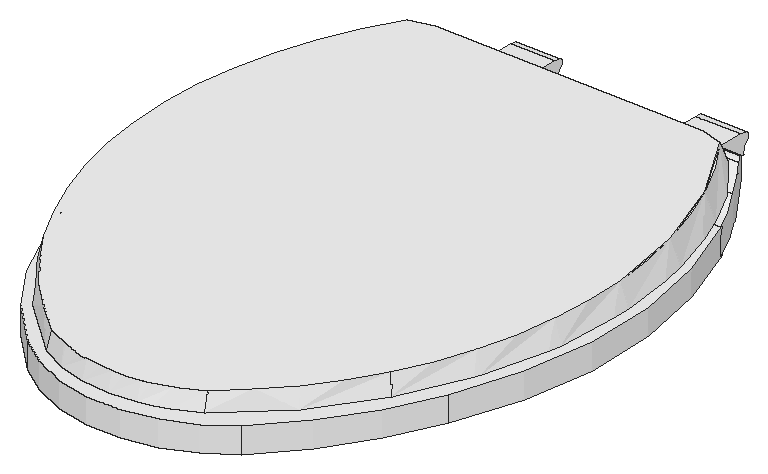
Revit family "Toilet_Seat-Elongated-Kohler-Brevia-4774", category Specialty Equipment, host Face, Revit 2019
Family settings
  Host = Face
  Round Connector Dimension = Use Diameter
  Part Type = Normal
  OmniClass Number = 23.45.05.21.14.11
  OmniClass Title = Water Closet Seats
  Cut with Voids When Loaded = No
  Shared = No
  Room Calculation Point = No
Parameters (values of type "Plastic-White-0")
  Width = 1' - 2 3/16"
  URL = "http://www.us.kohler.com"
  Product Page URL = "http://www.us.kohler.com/onlinecatalog/detail.jsp?prod_num=2746"
  Product Documentation Link = "http://www.us.kohler.com/onlinecatalog/pdf/1133011_4.pdf"
  Model = "K-4774"  # constant formula
  Manufacturer = "Kohler"  # constant formula
  Length = 1' - 6 5/8"
  Height = 0' - 1 27/32"
  Finish = Plastic-Kohler-0-White
  Description = "Brevia(tm) Elongated Toilet Seat with Q2 Advantage(tm)"  # constant formula
  Default Elevation = 0' - 0"
  Created By = "http://medialab3dstudio.com/"
  Assembly Code = "C1030200"
  ADA Compliant = no
Reference planes (in)
  plane 1 "Pivot Center": y = 0
  plane 2 "Bottom": z = 0
  plane 3 "Center (Left/Right)": x = 0
  plane 4 "Left": x = -7.09375
  plane 5 "Right": x = 7.09375
  plane 6 "Front": y = -18.625
  plane 7 "Top": z = 1.84375
  plane 8: z = 0.95237
  plane 9: z = 0.75688
  plane 10: z = 1.45127
  plane 11: z = 1.94195
  plane 12: y = -3.12931
  plane 13 "Back": y = 1.08495
  plane 14: y = -1.04022
  plane 15: x = -4.11485
  plane 16: x = 4.11485
  plane 17: x = 4.80147
  plane 18: x = -4.80147
  plane 19: y = -1.2242
  plane 20: y = -14.47078
  plane 21: x = -5.26405
  plane 22: x = 5.26405
  plane 23: y = -17.77169
  plane 24: x = -2.35317
  plane 25: x = 2.35317
  plane 26: y = -1.3275
  plane 27: x = -3.98386
  plane 28: x = 3.98786
  plane 29: y = -1.50562
  plane 30: x = 4.64862
  plane 31: x = -4.64862
  plane 32: y = -14.33051
  plane 33: x = -5.09647
  plane 34: x = 5.09647
  plane 35: y = -17.52634
  plane 36: x = 2.27826
  plane 37: x = -2.27826
  plane 38: x = -5.99318
  plane 39: x = 6.00347
  plane 40: y = -13.2792
  plane 41: y = -17.44483
  plane 42: x = 3.19407
  plane 43: x = -3.19371
  plane 44: y = -0.57214
  plane 45: x = -7.26472
  plane 46: y = -3.80313
  plane 47: x = -6.24179
  plane 48: x = -4.70871
  plane 49: x = -4.33174
  plane 50: y = -0.7054
  plane 51: x = -3.42708
  plane 52: y = -1.52498
  plane 53: y = -0.8087
  plane 54: x = 7.26472
  plane 55: x = 6.24179
  plane 56: x = 4.70871
  plane 57: x = 4.33174
  plane 58: x = 3.42708
  plane 59: y = 0.90205
  plane 60: z = 0.38716
  plane 61: y = 1.02392
  plane 62: z = 0.57112
  plane 63: y = 1.06639
  plane 64: y = 0.80927
  plane 65: z = 0.60129
  plane 66: y = -0.10557
  plane 67: z = 0.61726
  plane 68: z = 0.66991
  plane 69: y = -0.48018
  plane 70: y = -0.74537
  plane 71: z = 0.79356
  plane 72: y = -0.88092
  plane 73: z = 0.78646
  plane 74: y = -1.18866
  plane 75: z = 0.70973
  plane 76: x = -3.42685
  plane 77: x = -2.118
  plane 78: x = 2.07618
  plane 79: x = 3.42897
  plane 80: y = -1.10177
  plane 81: z = 0.91266
  plane 82: y = -1.08882
Forms (in)
  Blend 1, solid, material "Plastic-Kohler-0-White" <- "Finish"
    base sketch origin (0, 0, 0) x (1, 0, 0) y (0, 1, 0)
      loop
        line (4.11485, -1.04022) -> (-4.11485, -1.04022) -> (-4.80147, -1.2242)
        arc (-4.80147, -1.2242) -> (-6.96148, -7.78014) -> (-5.26405, -14.47078) r 12.34417
        arc (-5.26405, -14.47078) -> (-3.9666, -16.26056) -> (-2.35317, -17.77169) r 11.59958
        arc (-2.35317, -17.77169) -> (0, -18.41734) -> (2.35317, -17.77169) r 4.61111
        arc (2.35317, -17.77169) -> (3.9666, -16.26056) -> (5.26405, -14.47078) r 11.59958
        arc (5.26405, -14.47078) -> (6.96148, -7.78014) -> (4.80147, -1.2242) r 12.34417
        line (4.80147, -1.2242) -> (4.11485, -1.04022)
    top sketch origin (0, 0, 0) x (1, 0, 0) y (0, 1, 0)
      loop
        line (3.98386, -1.3275) -> (-3.98386, -1.3275) -> (-4.64862, -1.50562)
        arc (-4.64862, -1.50562) -> (-6.73987, -7.85286) -> (-5.09647, -14.33051) r 11.95121
        arc (-5.09647, -14.33051) -> (-3.84033, -16.06331) -> (-2.27826, -17.52634) r 11.23032
        arc (-2.27826, -17.52634) -> (0, -18.15144) -> (2.27826, -17.52634) r 4.46432
        arc (2.27826, -17.52634) -> (3.84033, -16.06331) -> (5.09647, -14.33051) r 11.23032
        arc (5.09647, -14.33051) -> (6.73987, -7.85286) -> (4.64862, -1.50562) r 11.95121
        line (4.64862, -1.50562) -> (3.98386, -1.3275)
    from 0.95237 to 1.84375
  Extrusion 2, void
    sketch origin (0, 0, 0) x (0, 1, 0) y (0, 0, 1)
      loop
        line (0, 1.84375) -> (0, 1.94195) -> (-18.625, 1.94195) -> (-18.625, 1.45139) -> (0, 1.84375)
    from -7.09375 to 7.09375
  Extrusion 3, solid, material "Plastic-Kohler-0-White" <- "Finish"
    sketch origin (0, 0, 0) x (1, 0, 0) y (0, 1, 0)
      loop
        line (6.00347, -3.12931) -> (-5.99318, -3.12931)
        arc (-5.99318, -3.12931) -> (-7.09725, -8.20426) -> (-5.99318, -13.2792) r 12.2158
        arc (-5.99318, -13.2792) -> (-4.87757, -15.55296) -> (-3.19371, -17.44483) r 9.36926
        arc (-3.19371, -17.44483) -> (0.00024, -18.625) -> (3.19407, -17.44449) r 4.91137
        arc (3.19407, -17.44449) -> (4.82053, -15.51142) -> (6.00347, -13.2792) r 11.92983
        arc (6.00347, -13.2792) -> (7.10753, -8.20426) -> (6.00347, -3.12931) r 12.2158
    from 0 to 0.75688
  Extrusion 4, solid, material "Plastic-Kohler-0-White" <- "Finish"
    sketch origin (0, 0, 0) x (0, 1, 0) y (0, 0, 1)
      loop
        arc (-3.12931, 0) -> (-1.90992, 0.16053) -> (-0.76113, 0.59982) r 5.26053
        arc (-0.76113, 0.59982) -> (-0.77843, 0.90812) -> (-0.83848, 1.21102) r 2.21366
        arc (-0.83848, 1.21102) -> (-0.90732, 1.27901) -> (-1.00063, 1.30464) r 0.19141
        arc (-1.00063, 1.30464) -> (-1.11085, 1.30591) -> (-1.21917, 1.28552) r 0.55893
        arc (-1.21917, 1.28552) -> (-1.64538, 1.16483) -> (-2.05554, 0.99753) r 3.98137
        arc (-2.05554, 0.99753) -> (-2.57898, 0.81724) -> (-3.12931, 0.75688) r 2.49387
        line (-3.12931, 0.75688) -> (-3.12931, 0)
    from -7.09375 to 7.09375
  Extrusion 5, void
    sketch origin (0, 0, 0) x (1, 0, 0) y (0, 1, 0)
      loop
        arc (-6.24179, -3.80313) -> (-5.58957, -2.24746) -> (-4.70898, -0.8087) r 11.09088
        arc (-4.70898, -0.8087) -> (-4.52731, -0.73169) -> (-4.33174, -0.7054) r 0.74043
        line (-4.33174, -0.7054) -> (-3.42708, -0.7054) -> (-3.42708, -1.52498)
        arc (-3.42708, -1.52498) -> (0.00094, -1.55068) -> (3.42897, -1.52495) r 228.5301
        line (3.42897, -1.52495) -> (3.42897, -0.7054) -> (4.33174, -0.7054)
        arc (4.33174, -0.7054) -> (4.52731, -0.73169) -> (4.70898, -0.8087) r 0.74043
        arc (4.70898, -0.8087) -> (5.58957, -2.24746) -> (6.24179, -3.80313) r 11.09088
        line (6.24179, -3.80313) -> (7.26472, -3.80313) -> (7.26472, -0.57214) -> (-7.26472, -0.57214) -> (-7.26472, -3.80313) -> (-6.24179, -3.80313)
    from 0 to 1.94195
  Extrusion 6, solid, material "Plastic-Kohler-0-White" <- "Finish"
    sketch origin (0, 0, 0) x (0, 1, 0) y (0, 0, 1)
      loop
        line (-1.18866, 0) -> (0.90205, 0)
        arc (0.90205, 0) -> (0.93061, 0.21634) -> (1.06639, 0.38716) r 0.40879
        arc (1.06639, 0.38716) -> (1.08141, 0.48751) -> (1.02392, 0.57112) r 0.13837
        line (1.02392, 0.57112) -> (0.80927, 0.60129) -> (-0.10557, 0.61726)
        arc (-0.10557, 0.61726) -> (-0.29448, 0.63213) -> (-0.48018, 0.66991) r 1.55204
        line (-0.48018, 0.66991) -> (-0.74537, 0.79356)
        arc (-0.74537, 0.79356) -> (-0.81343, 0.79542) -> (-0.88092, 0.78646) r 0.42827
        line (-0.88092, 0.78646) -> (-1.18866, 0.70973) -> (-1.18866, 0)
    from -3.42685 to -2.118
  Extrusion 7, solid, material "Plastic-Kohler-0-White" <- "Finish"
    sketch origin (0, 0, 0) x (0, 1, 0) y (0, 0, 1)
      loop
        line (-1.18866, 0) -> (0.90205, 0)
        arc (0.90205, 0) -> (0.93061, 0.21634) -> (1.06639, 0.38716) r 0.40879
        arc (1.06639, 0.38716) -> (1.08141, 0.48751) -> (1.02392, 0.57112) r 0.13837
        line (1.02392, 0.57112) -> (0.80927, 0.60129) -> (-0.10557, 0.61726)
        arc (-0.10557, 0.61726) -> (-0.29448, 0.63213) -> (-0.48018, 0.66991) r 1.55204
        line (-0.48018, 0.66991) -> (-0.74537, 0.79356)
        arc (-0.74537, 0.79356) -> (-0.81343, 0.79542) -> (-0.88092, 0.78646) r 0.42827
        line (-0.88092, 0.78646) -> (-1.18866, 0.70973) -> (-1.18866, 0)
    from 2.07618 to 3.42897
  Extrusion 8, solid, material "Plastic-Kohler-0-White" <- "Finish"
    sketch origin (0, 0, 0) x (0, 1, 0) y (0, 0, 1)
      loop
        arc (-0.91311, 0.91266) -> (-0.96837, 1.04607) -> (-1.10177, 1.10133) r 0.18866
        arc (-1.10177, 1.10133) -> (-1.23518, 1.04607) -> (-1.29044, 0.91266) r 0.18866
        arc (-1.29044, 0.91266) -> (-1.23518, 0.77926) -> (-1.10177, 0.724) r 0.18866
        arc (-1.10177, 0.724) -> (-0.96837, 0.77926) -> (-0.91311, 0.91266) r 0.18866
    from -3.42685 to 3.42897
Cuts and joins
  Extrusion 2 cuts Blend 1
  Extrusion 5 cuts Extrusion 4
  joined: Blend 1, Extrusion 3, Extrusion 4, Extrusion 8
Lines and regions (in)
  Masking region 1, detail levels coarse
    outline origin (0, 0, 0) x (1, 0, 0) y (0, 1, 0)
      loop
        line (-7.09375, 1.08495) -> (-7.09375, -18.625) -> (7.09375, -18.625) -> (7.09375, 1.08495) -> (-7.09375, 1.08495)
  Masking region 2, detail levels medium+fine
    outline origin (0, 0, 0) x (1, 0, 0) y (0, 1, 0)
      loop
        arc (-5.99455, -3.1323) -> (-7.09725, -8.2059) -> (-5.99318, -13.2792) r 12.2158
        arc (-5.99318, -13.2792) -> (-4.87757, -15.55296) -> (-3.19371, -17.44483) r 9.36926
        arc (-3.19371, -17.44483) -> (0.00024, -18.625) -> (3.19407, -17.44449) r 4.91137
        arc (3.19407, -17.44449) -> (4.82053, -15.51142) -> (6.00347, -13.2792) r 11.92983
        arc (6.00347, -13.2792) -> (7.10703, -8.09306) -> (5.90924, -2.92787) r 12.2158
        arc (5.90924, -2.92787) -> (5.36746, -1.83524) -> (4.70898, -0.8087) r 11.09088
        arc (4.70898, -0.8087) -> (4.66213, -0.78319) -> (4.61357, -0.76113) r 0.74043
        line (4.61357, -0.76113) -> (3.42897, -0.76113) -> (3.42897, 1.08495) -> (2.07618, 1.08495) -> (2.07618, -0.91505) -> (-2.118, -0.91505) -> (-2.118, 1.08495) -> (-3.42685, 1.08495) -> (-3.42685, -0.76113) -> (-4.61357, -0.76113)
        arc (-4.61357, -0.76113) -> (-4.66213, -0.78319) -> (-4.70898, -0.8087) r 0.74043
        arc (-4.70898, -0.8087) -> (-5.42156, -1.93189) -> (-5.99455, -3.1323) r 11.09088
  Masking region 3, detail levels coarse
    outline origin (0, 0, 0) x (1, 0, 0) y (0, 0, 1)
      loop
        line (-7.09375, 1.84375) -> (-7.09375, 0) -> (7.09375, 0) -> (7.09375, 1.84375) -> (-7.09375, 1.84375)
  Masking region 4, detail levels medium+fine
    outline origin (0, 0, 0) x (1, 0, 0) y (0, 0, 1)
      loop
        line (-7.09725, 0) -> (7.09375, 0) -> (7.09375, 0.75688) -> (5.99334, 0.75688)
        spline (5.99334, 0.75688) -> (5.95799, 0.75827) -> (5.9221, 0.7624) -> (5.88572, 0.76927) -> (5.84887, 0.77887) -> (5.81159, 0.79119) -> (5.77391, 0.80622) -> (5.73587, 0.82395) -> (5.69751, 0.84436) -> (5.65885, 0.86743) -> (5.61995, 0.89314) -> (5.58083, 0.92146) -> (5.54154, 0.95237)
        line (5.54154, 0.95237) -> (6.969, 0.95237) -> (6.78991, 1.67443)
        spline (6.78991, 1.67443) -> (6.77463, 1.68674) -> (6.72883, 1.69901) -> (6.65262, 1.71123) -> (6.54621, 1.72335) -> (6.40986, 1.73534) -> (6.24392, 1.74718) -> (6.04881, 1.75884) -> (5.82502, 1.77028) -> (5.57314, 1.78148) -> (5.2938, 1.7924) -> (4.9877, 1.80302) -> (4.65564, 1.81332)
        line (4.65564, 1.81332) -> (3.98786, 1.81693) -> (-3.98786, 1.81693) -> (-4.65564, 1.81332)
        spline (-4.65564, 1.81332) -> (-4.97852, 1.80332) -> (-5.27691, 1.79302) -> (-5.55012, 1.78243) -> (-5.79748, 1.77158) -> (-6.01839, 1.7605) -> (-6.21233, 1.74921) -> (-6.37883, 1.73774) -> (-6.51749, 1.72612) -> (-6.62798, 1.71437) -> (-6.71003, 1.70253) -> (-6.76344, 1.69062) -> (-6.78809, 1.67867)
      loop
        line (-6.79111, 1.67943) -> (-6.969, 0.95237) -> (-5.5433, 0.95237)
        spline (-5.5433, 0.95237) -> (-5.58335, 0.92174) -> (-5.62306, 0.89364) -> (-5.66238, 0.86811) -> (-5.7013, 0.84517) -> (-5.73976, 0.82484) -> (-5.77773, 0.80713) -> (-5.81518, 0.79208) -> (-5.85207, 0.77968) -> (-5.88836, 0.76995) -> (-5.92403, 0.76291) -> (-5.95903, 0.75855) -> (-5.99334, 0.75688)
        line (-5.99334, 0.75688) -> (-7.09375, 0.75688) -> (-7.09375, 0)
  Masking region 5, detail levels coarse
    outline origin (0, 0, 0) x (0, 1, 0) y (0, 0, 1)
      loop
        line (1.08495, 1.84375) -> (-18.625, 1.84375) -> (-18.625, 0) -> (1.08495, 0) -> (1.08495, 1.84375)
  Masking region 6, detail levels medium+fine
    outline origin (0, 0, 0) x (0, 1, 0) y (0, 0, 1)
      loop
        line (-18.25065, 1.45901) -> (-18.41734, 0.95237) -> (-2.15647, 0.95237)
        arc (-2.15647, 0.95237) -> (-2.63307, 0.80575) -> (-3.12931, 0.75688) r 2.49387
        line (-3.12931, 0.75688) -> (-18.625, 0.75688) -> (-18.625, 0) -> (-3.12931, 0)
        arc (-3.12931, 0) -> (-2.13999, 0.10772) -> (-1.18866, 0.39984) r 5.26053
        line (-1.18866, 0.39984) -> (-1.18866, 0) -> (0.90205, 0)
        arc (0.90205, 0) -> (0.93061, 0.21634) -> (1.06639, 0.38716) r 0.40879
        arc (1.06639, 0.38716) -> (1.08141, 0.48751) -> (1.02392, 0.57112) r 0.13837
        line (1.02392, 0.57112) -> (0.80927, 0.60129) -> (-0.10557, 0.61726)
        arc (-0.10557, 0.61726) -> (-0.29448, 0.63213) -> (-0.48018, 0.66991) r 1.55204
        line (-0.48018, 0.66991) -> (-0.76775, 0.804)
        arc (-0.76775, 0.804) -> (-0.7936, 1.00916) -> (-0.83848, 1.21102) r 2.21366
        arc (-0.83848, 1.21102) -> (-0.90732, 1.27901) -> (-1.00063, 1.30464) r 0.19141
        arc (-1.00063, 1.30464) -> (-1.07752, 1.30782) -> (-1.15412, 1.30041) r 0.55893
        line (-1.15412, 1.30041) -> (-1.31872, 1.81693) -> (-18.25065, 1.45901)
  symbolic lines, style "Masking Lines", detail levels fine
    curve 1: spline (-5.39717, -13.9346, 0) -> (-5.86328, -12.94762, 0) -> (-6.23771, -11.92236, 0) -> (-6.51738, -10.86732, 0) -> (-6.69997, -9.79123, 0) -> (-6.78396, -8.703, 0) -> (-6.76865, -7.61164, 0) -> (-6.65418, -6.52619, 0) -> (-6.4415, -5.45564, 0) -> (-6.13235, -4.40885, 0) -> (-5.72931, -3.39449, 0) -> (-5.23571, -2.42096, 0) -> (-4.65564, -1.49633, 0)
    curve 2: spline (-2.30894, -17.62647, 0) -> (-2.62361, -17.37283, 0) -> (-2.92905, -17.10816, 0) -> (-3.22487, -16.83278, 0) -> (-3.51071, -16.54706, 0) -> (-3.78619, -16.25135, 0) -> (-4.05097, -15.94602, 0) -> (-4.30472, -15.63146, 0) -> (-4.54711, -15.30808, 0) -> (-4.77783, -14.97627, 0) -> (-4.9966, -14.63647, 0) -> (-5.20313, -14.2891, 0) -> (-5.39717, -13.9346, 0)
    curve 3: spline (2.30894, -17.62647, 0) -> (1.95327, -17.81795, 0) -> (1.58185, -17.97676, 0) -> (1.19768, -18.10163, 0) -> (0.80386, -18.19155, 0) -> (0.40355, -18.24579, 0) -> (0, -18.26392, 0) -> (-0.40355, -18.24579, 0) -> (-0.80386, -18.19155, 0) -> (-1.19768, -18.10163, 0) -> (-1.58185, -17.97676, 0) -> (-1.95327, -17.81795, 0) -> (-2.30894, -17.62647, 0)
    curve 4: spline (5.39717, -13.9346, 0) -> (5.20313, -14.2891, 0) -> (4.9966, -14.63647, 0) -> (4.77783, -14.97627, 0) -> (4.54711, -15.30808, 0) -> (4.30472, -15.63146, 0) -> (4.05097, -15.94602, 0) -> (3.78619, -16.25135, 0) -> (3.51071, -16.54706, 0) -> (3.22487, -16.83278, 0) -> (2.92905, -17.10816, 0) -> (2.62361, -17.37283, 0) -> (2.30894, -17.62647, 0)
    curve 5: spline (4.65564, -1.49633, 0) -> (5.23571, -2.42096, 0) -> (5.72931, -3.39449, 0) -> (6.13235, -4.40885, 0) -> (6.4415, -5.45564, 0) -> (6.65418, -6.52619, 0) -> (6.76865, -7.61164, 0) -> (6.78396, -8.703, 0) -> (6.69997, -9.79123, 0) -> (6.51738, -10.86732, 0) -> (6.23771, -11.92236, 0) -> (5.86328, -12.94762, 0) -> (5.39717, -13.9346, 0)
    curve 6: line (3.98786, -1.31872, 0) -> (4.65564, -1.49633, 0)
    curve 7: line (-3.98786, -1.31872, 0) -> (3.98786, -1.31872, 0)
    curve 8: line (-4.65564, -1.49633, 0) -> (-3.98786, -1.31872, 0)
    curve 9: line (-4.06291, -1.15412, 0) -> (-3.42708, -1.15412, 0)
    curve 10: spline (-4.74777, -1.32307, 0) -> (-4.71263, -1.31445, 0) -> (-4.67749, -1.30583, 0) -> (-4.64234, -1.29719, 0) -> (-4.6072, -1.28855, 0) -> (-4.57207, -1.2799, 0) -> (-4.53693, -1.27125, 0) -> (-4.50179, -1.26258, 0) -> (-4.46665, -1.25392, 0) -> (-4.43151, -1.24524, 0) -> (-4.39638, -1.23656, 0) -> (-4.36124, -1.22787, 0) -> (-4.32611, -1.21917, 0)
    curve 11: spline (-4.32611, -1.21917, 0) -> (-4.30416, -1.21386, 0) -> (-4.28223, -1.20852, 0) -> (-4.26029, -1.20317, 0) -> (-4.23835, -1.19779, 0) -> (-4.21641, -1.1924, 0) -> (-4.19448, -1.18699, 0) -> (-4.17255, -1.18156, 0) -> (-4.15062, -1.17611, 0) -> (-4.12869, -1.17064, 0) -> (-4.10676, -1.16515, 0) -> (-4.08484, -1.15965, 0) -> (-4.06291, -1.15412, 0)
    curve 12: spline (-5.30469, -2.05042, 0) -> (-5.25992, -1.99081, 0) -> (-5.21482, -1.93098, 0) -> (-5.1694, -1.87094, 0) -> (-5.12367, -1.81071, 0) -> (-5.07765, -1.75028, 0) -> (-5.03132, -1.68968, 0) -> (-4.98472, -1.62892, 0) -> (-4.93784, -1.56801, 0) -> (-4.8907, -1.50695, 0) -> (-4.8433, -1.44577, 0) -> (-4.79565, -1.38448, 0) -> (-4.74777, -1.32307, 0)
    curve 13: spline (-5.38225, -2.15649, 0) -> (-5.37585, -2.14753, 0) -> (-5.36944, -2.13859, 0) -> (-5.36301, -2.12968, 0) -> (-5.35657, -2.12078, 0) -> (-5.35013, -2.11191, 0) -> (-5.34367, -2.10306, 0) -> (-5.3372, -2.09423, 0) -> (-5.33072, -2.08542, 0) -> (-5.32423, -2.07664, 0) -> (-5.31773, -2.06787, 0) -> (-5.31121, -2.05913, 0) -> (-5.30469, -2.05042, 0)
    curve 14: arc (-5.26405, -14.47078, 0) -> (-6.96843, -8.32943, 0) -> (-5.38225, -2.15649, 0) r 12.34417
    curve 15: arc (-2.35317, -17.77169, 0) -> (-3.9666, -16.26056, 0) -> (-5.26405, -14.47078, 0) r 11.59958
    curve 16: arc (2.35317, -17.77169, 0) -> (0, -18.41734, 0) -> (-2.35317, -17.77169, 0) r 4.61111
    curve 17: arc (5.26405, -14.47078, 0) -> (3.9666, -16.26056, 0) -> (2.35317, -17.77169, 0) r 11.59958
    curve 18: arc (5.38224, -2.15647, 0) -> (6.96843, -8.32942, 0) -> (5.26405, -14.47078, 0) r 12.34417
    curve 19: spline (4.74777, -1.32307, 0) -> (4.79622, -1.38473, 0) -> (4.8444, -1.44631, 0) -> (4.89228, -1.5078, 0) -> (4.93986, -1.56921, 0) -> (4.98713, -1.6305, 0) -> (5.03407, -1.69168, 0) -> (5.08069, -1.75272, 0) -> (5.12697, -1.81362, 0) -> (5.17291, -1.87436, 0) -> (5.21848, -1.93494, 0) -> (5.26369, -1.99533, 0) -> (5.30853, -2.05554, 0)
    curve 20: spline (4.32611, -1.21917, 0) -> (4.36124, -1.22787, 0) -> (4.39638, -1.23656, 0) -> (4.43151, -1.24524, 0) -> (4.46665, -1.25392, 0) -> (4.50179, -1.26258, 0) -> (4.53693, -1.27125, 0) -> (4.57206, -1.2799, 0) -> (4.6072, -1.28855, 0) -> (4.64234, -1.29719, 0) -> (4.67748, -1.30583, 0) -> (4.71263, -1.31445, 0) -> (4.74777, -1.32307, 0)
    curve 21: spline (4.06291, -1.15412, 0) -> (4.08484, -1.15965, 0) -> (4.10676, -1.16515, 0) -> (4.12869, -1.17064, 0) -> (4.15062, -1.17611, 0) -> (4.17255, -1.18156, 0) -> (4.19448, -1.18699, 0) -> (4.21641, -1.1924, 0) -> (4.23835, -1.19779, 0) -> (4.26029, -1.20317, 0) -> (4.28222, -1.20852, 0) -> (4.30416, -1.21386, 0) -> (4.32611, -1.21917, 0)
    curve 22: line (3.42897, -1.15412, 0) -> (4.06291, -1.15412, 0)
    curve 23: line (3.42897, -1.08882, 0) -> (-3.42685, -1.08882, 0)
    curve 24: line (-6.969, -18.625, 0.95237) -> (6.969, -18.625, 0.95237)
    curve 25: line (7.10753, -18.625, 0.75688) -> (-7.09375, -18.625, 0.75688)
    curve 26: spline (-5.0348, -18.625, 1.53382) -> (-5.3092, -18.625, 1.54345) -> (-5.5617, -18.625, 1.55333) -> (-5.79176, -18.625, 1.56343) -> (-5.99891, -18.625, 1.57374) -> (-6.18272, -18.625, 1.58423) -> (-6.3428, -18.625, 1.59488) -> (-6.47882, -18.625, 1.60566) -> (-6.5905, -18.625, 1.61656) -> (-6.6776, -18.625, 1.62756) -> (-6.73995, -18.625, 1.63862) -> (-6.77741, -18.625, 1.64973) -> (-6.78991, -18.625, 1.66086)
    curve 27: spline (-2.30032, -18.625, 1.47161) -> (-2.56877, -18.625, 1.47598) -> (-2.83059, -18.625, 1.48051) -> (-3.08555, -18.625, 1.4852) -> (-3.3334, -18.625, 1.49004) -> (-3.57392, -18.625, 1.49504) -> (-3.8069, -18.625, 1.50018) -> (-4.03212, -18.625, 1.50546) -> (-4.24936, -18.625, 1.51088) -> (-4.45844, -18.625, 1.51643) -> (-4.65917, -18.625, 1.52211) -> (-4.85134, -18.625, 1.5279) -> (-5.0348, -18.625, 1.53382)
    curve 28: spline (2.30894, -18.625, 1.47171) -> (1.95402, -18.625, 1.46783) -> (1.58341, -18.625, 1.4646) -> (1.2001, -18.625, 1.46206) -> (0.80715, -18.625, 1.46023) -> (0.40772, -18.625, 1.45913) -> (0.00502, -18.625, 1.45875) -> (-0.39772, -18.625, 1.45911) -> (-0.79727, -18.625, 1.4602) -> (-1.19042, -18.625, 1.46201) -> (-1.57402, -18.625, 1.46453) -> (-1.94498, -18.625, 1.46774) -> (-2.30032, -18.625, 1.47161)
    curve 29: spline (5.03298, -18.625, 1.53373) -> (4.85009, -18.625, 1.52784) -> (4.65854, -18.625, 1.52206) -> (4.45851, -18.625, 1.5164) -> (4.25017, -18.625, 1.51087) -> (4.03373, -18.625, 1.50547) -> (3.80937, -18.625, 1.50021) -> (3.5773, -18.625, 1.49508) -> (3.33774, -18.625, 1.4901) -> (3.09089, -18.625, 1.48527) -> (2.83699, -18.625, 1.48059) -> (2.57626, -18.625, 1.47607) -> (2.30894, -18.625, 1.47171)
    curve 30: spline (6.78991, -18.625, 1.66084) -> (6.7774, -18.625, 1.6497) -> (6.7399, -18.625, 1.63858) -> (6.67749, -18.625, 1.62752) -> (6.59029, -18.625, 1.61652) -> (6.47849, -18.625, 1.60561) -> (6.34233, -18.625, 1.59482) -> (6.18208, -18.625, 1.58417) -> (5.99808, -18.625, 1.57367) -> (5.79071, -18.625, 1.56336) -> (5.56041, -18.625, 1.55325) -> (5.30766, -18.625, 1.54337) -> (5.03298, -18.625, 1.53373)
    curve 31: arc (0, -1.18866, 0.39984) -> (0, -0.97265, 0.49503) -> (0, -0.76113, 0.59982) r 5.26053
    curve 32: arc (0, -1.15385, 1.29957) -> (0, -1.66228, 1.15896) -> (0, -2.14767, 0.95237) r 3.98137
    curve 33: spline (5.54154, 1.08495, 0.95237) -> (5.53716, 1.08495, 0.95596) -> (5.53279, 1.08495, 0.95958) -> (5.52841, 1.08495, 0.96324) -> (5.52403, 1.08495, 0.96692) -> (5.51965, 1.08495, 0.97064) -> (5.51527, 1.08495, 0.97439) -> (5.51089, 1.08495, 0.97817) -> (5.5065, 1.08495, 0.98198) -> (5.50212, 1.08495, 0.98582) -> (5.49773, 1.08495, 0.98969) -> (5.49334, 1.08495, 0.9936) -> (5.48895, 1.08495, 0.99753)
    curve 34: spline (5.48895, 1.08495, 0.99753) -> (5.45144, 1.08495, 1.02938) -> (5.41317, 1.08495, 1.05982) -> (5.37414, 1.08495, 1.08887) -> (5.33438, 1.08495, 1.1165) -> (5.2939, 1.08495, 1.1427) -> (5.25271, 1.08495, 1.16747) -> (5.21083, 1.08495, 1.1908) -> (5.16826, 1.08495, 1.21267) -> (5.12504, 1.08495, 1.23309) -> (5.08117, 1.08495, 1.25204) -> (5.03666, 1.08495, 1.26952) -> (4.99154, 1.08495, 1.28552)
    curve 35: spline (4.99154, 1.08495, 1.28552) -> (4.9796, 1.08495, 1.29043) -> (4.96757, 1.08495, 1.29474) -> (4.95547, 1.08495, 1.29846) -> (4.94329, 1.08495, 1.30157) -> (4.93105, 1.08495, 1.30408) -> (4.91876, 1.08495, 1.30598) -> (4.90643, 1.08495, 1.30728) -> (4.89407, 1.08495, 1.30797) -> (4.88169, 1.08495, 1.30805) -> (4.86929, 1.08495, 1.30752) -> (4.85688, 1.08495, 1.30638) -> (4.84449, 1.08495, 1.30464)
    curve 36: spline (4.84449, 1.08495, 1.30464) -> (4.83307, 1.08495, 1.30411) -> (4.82179, 1.08495, 1.30216) -> (4.81073, 1.08495, 1.29881) -> (4.79995, 1.08495, 1.29407) -> (4.7895, 1.08495, 1.28797) -> (4.77944, 1.08495, 1.28054) -> (4.76984, 1.08495, 1.27184) -> (4.76074, 1.08495, 1.26189) -> (4.7522, 1.08495, 1.25078) -> (4.74427, 1.08495, 1.23854) -> (4.73699, 1.08495, 1.22527) -> (4.7304, 1.08495, 1.21102)
    curve 37: spline (4.7304, 1.08495, 1.21102) -> (4.72843, 1.08495, 1.20084) -> (4.7265, 1.08495, 1.19063) -> (4.7246, 1.08495, 1.18041) -> (4.72273, 1.08495, 1.17017) -> (4.72089, 1.08495, 1.15992) -> (4.71909, 1.08495, 1.14964) -> (4.71732, 1.08495, 1.13935) -> (4.71558, 1.08495, 1.12904) -> (4.71388, 1.08495, 1.11872) -> (4.71221, 1.08495, 1.10837) -> (4.71058, 1.08495, 1.09802) -> (4.70898, 1.08495, 1.08764)
    curve 38: line (4.70898, 1.08495, 1.08764) -> (4.70898, 1.08495, 0.57586)
    curve 39: spline (4.70898, 1.08495, 0.57586) -> (4.83233, 1.08495, 0.49027) -> (4.95325, 1.08495, 0.4112) -> (5.07157, 1.08495, 0.33878) -> (5.18712, 1.08495, 0.2731) -> (5.29975, 1.08495, 0.21424) -> (5.4093, 1.08495, 0.1623) -> (5.51563, 1.08495, 0.11734) -> (5.61857, 1.08495, 0.07942) -> (5.718, 1.08495, 0.0486) -> (5.81378, 1.08495, 0.02492) -> (5.90577, 1.08495, 0.00841) -> (5.99384, 1.08495, -0.0009)
    curve 40: spline (4.61357, 1.08495, 0.59982) -> (4.62182, 1.08495, 0.59801) -> (4.63002, 1.08495, 0.59616) -> (4.63816, 1.08495, 0.59426) -> (4.64626, 1.08495, 0.59231) -> (4.6543, 1.08495, 0.59033) -> (4.66229, 1.08495, 0.5883) -> (4.67022, 1.08495, 0.58622) -> (4.67809, 1.08495, 0.58411) -> (4.68591, 1.08495, 0.58195) -> (4.69366, 1.08495, 0.57974) -> (4.70135, 1.08495, 0.5775) -> (4.70898, 1.08495, 0.57521)
    curve 41: line (4.61357, 1.08495, 0.59982) -> (3.42897, 1.08495, 0.59982)
    curve 42: line (3.42897, 1.08495, 0) -> (3.42897, 1.08495, 0.79356)
    curve 43: line (3.42897, 1.08495, 0.27383) -> (3.42897, 1.08495, 1.30464)
    curve 44: line (3.42897, 1.08495, 1.30464) -> (4.84449, 1.08495, 1.30464)
    curve 45: line (-3.42708, 1.08495, 1.10088) -> (3.42897, 1.08495, 1.10088)
    curve 46: line (2.07618, 1.08495, 0.79356) -> (3.42897, 1.08495, 0.79356)
    curve 47: line (2.07618, 1.08495, 0.79356) -> (2.07618, 1.08495, 0)
    curve 48: line (2.07618, 1.08495, 0.38716) -> (3.42897, 1.08495, 0.38716)
    curve 49: line (2.07618, 1.08495, 0.57112) -> (3.42897, 1.08495, 0.57112)
    curve 50: line (2.07618, 1.08495, 0.60129) -> (3.42897, 1.08495, 0.60129)
    curve 51: line (2.07618, 1.08495, 0.66991) -> (3.42897, 1.08495, 0.66991)
    curve 52: spline (-2.118, 1.08495, 0.26848) -> (-1.76849, 1.08495, 0.26748) -> (-1.41898, 1.08495, 0.26666) -> (-1.06947, 1.08495, 0.26602) -> (-0.71995, 1.08495, 0.26557) -> (-0.37043, 1.08495, 0.26529) -> (-0.02091, 1.08495, 0.26518) -> (0.32861, 1.08495, 0.26526) -> (0.67813, 1.08495, 0.26552) -> (1.02764, 1.08495, 0.26596) -> (1.37716, 1.08495, 0.26658) -> (1.72667, 1.08495, 0.26738) -> (2.07618, 1.08495, 0.26835)
    curve 53: line (2.07618, 1.08495, 0.75688) -> (-3.42708, 1.08495, 0.75688)
    curve 54: line (-3.42708, 1.08495, 0.38716) -> (-2.118, 1.08495, 0.38716)
    curve 55: line (-3.42708, 1.08495, 0.57112) -> (-2.118, 1.08495, 0.57112)
    curve 56: line (-3.42708, 1.08495, 0.60129) -> (-2.118, 1.08495, 0.60129)
    curve 57: line (-3.42708, 1.08495, 0.66991) -> (-2.118, 1.08495, 0.66991)
    curve 58: line (-3.42708, 1.08495, 0.79356) -> (-2.118, 1.08495, 0.79356)
    curve 59: line (-2.118, 1.08495, 0) -> (-2.118, 1.08495, 0.79356)
    curve 60: line (-3.42708, 1.08495, 1.30464) -> (-3.42708, 1.08495, 0)
    curve 61: line (-4.84449, 1.08495, 1.30464) -> (-3.42708, 1.08495, 1.30464)
    curve 62: line (-3.42708, 1.08495, 0.59982) -> (-4.61357, 1.08495, 0.59982)
    curve 63: spline (-4.71059, 1.08495, 0.57473) -> (-4.70284, 1.08495, 0.57706) -> (-4.69502, 1.08495, 0.57934) -> (-4.68714, 1.08495, 0.58159) -> (-4.6792, 1.08495, 0.58379) -> (-4.6712, 1.08495, 0.58595) -> (-4.66313, 1.08495, 0.58806) -> (-4.65501, 1.08495, 0.59013) -> (-4.64683, 1.08495, 0.59216) -> (-4.63859, 1.08495, 0.59414) -> (-4.6303, 1.08495, 0.59608) -> (-4.62196, 1.08495, 0.59797) -> (-4.61357, 1.08495, 0.59982)
    curve 64: spline (-5.99382, 1.08495, -0.00092) -> (-5.90471, 1.08495, 0.00767) -> (-5.81191, 1.08495, 0.02356) -> (-5.71553, 1.08495, 0.04674) -> (-5.61571, 1.08495, 0.07717) -> (-5.51258, 1.08495, 0.11482) -> (-5.40629, 1.08495, 0.15963) -> (-5.29698, 1.08495, 0.21153) -> (-5.18481, 1.08495, 0.27047) -> (-5.06992, 1.08495, 0.33635) -> (-4.95248, 1.08495, 0.40909) -> (-4.83265, 1.08495, 0.48858) -> (-4.71059, 1.08495, 0.57473)
    curve 65: spline (-4.84449, 1.08495, 1.30464) -> (-4.85709, 1.08495, 1.30636) -> (-4.86967, 1.08495, 1.30749) -> (-4.8822, 1.08495, 1.308) -> (-4.89468, 1.08495, 1.30792) -> (-4.9071, 1.08495, 1.30722) -> (-4.91944, 1.08495, 1.30592) -> (-4.93171, 1.08495, 1.30402) -> (-4.94389, 1.08495, 1.30152) -> (-4.95598, 1.08495, 1.29841) -> (-4.96795, 1.08495, 1.29471) -> (-4.97981, 1.08495, 1.29041) -> (-4.99154, 1.08495, 1.28552)
    curve 66: spline (-4.99154, 1.08495, 1.28552) -> (-5.03702, 1.08495, 1.26935) -> (-5.08182, 1.08495, 1.25173) -> (-5.12592, 1.08495, 1.23267) -> (-5.16931, 1.08495, 1.21217) -> (-5.21197, 1.08495, 1.19025) -> (-5.25389, 1.08495, 1.16691) -> (-5.29505, 1.08495, 1.14215) -> (-5.33543, 1.08495, 1.116) -> (-5.37503, 1.08495, 1.08845) -> (-5.41382, 1.08495, 1.05951) -> (-5.4518, 1.08495, 1.0292) -> (-5.48895, 1.08495, 0.99753)
    curve 67: spline (-5.48895, 1.08495, 0.99753) -> (-5.4935, 1.08495, 0.9936) -> (-5.49804, 1.08495, 0.98969) -> (-5.50259, 1.08495, 0.98582) -> (-5.50712, 1.08495, 0.98198) -> (-5.51166, 1.08495, 0.97817) -> (-5.51619, 1.08495, 0.97439) -> (-5.52072, 1.08495, 0.97064) -> (-5.52524, 1.08495, 0.96692) -> (-5.52976, 1.08495, 0.96324) -> (-5.53428, 1.08495, 0.95958) -> (-5.53879, 1.08495, 0.95596) -> (-5.5433, 1.08495, 0.95237)
    curve 68: arc (0, -0.76113, 0.59982) -> (0, -0.76208, 0.70199) -> (0, -0.76775, 0.804) r 2.21366
Dimensions and locks (in)
  equal spacing: plane 4 "Left", plane 3 "Center (Left/Right)", plane 5 "Right"
  "Width": plane 4 "Left" to plane 5 "Right"
  "Length": plane 6 "Front" to plane 1 "Pivot Center"
  "Height": plane 7 "Top" to plane 2 "Bottom"
  plane 21 to plane 18 to plane 15 to plane 24 to plane 3 "Center (Left/Right)" to plane 25 to plane 16 to plane 17 to plane 22 = 0' - 0.46258" locked, 0' - 0.68662" locked, 0' - 1.76168" locked, 0' - 2.35317" locked, 0' - 2.35317" locked, 0' - 1.76168" locked, 0' - 0.68662" locked, 0' - 0.46258" locked
  plane 23 to plane 20 to plane 19 to plane 14 to plane 13 "Back" = 0' - 3.30091" locked, 1' - 1.24658" locked, 0' - 0.18398" locked, 0' - 2.12517" locked
  plane 33 to plane 31 to plane 27 to plane 37 to plane 3 "Center (Left/Right)" to plane 36 to plane 28 to plane 30 to plane 34 = 0' - 0.44786" locked, 0' - 0.66476" locked, 0' - 1.70559" locked, 0' - 2.27826" locked, 0' - 2.27826" locked, 0' - 1.7096" locked, 0' - 0.66076" locked, 0' - 0.44786" locked
  plane 35 to plane 32 to plane 29 to plane 26 to plane 13 "Back" = 0' - 3.19583" locked, 1' - 0.82489" locked, 0' - 0.17812" locked, 0' - 2.41245" locked
  plane 38 to plane 43 to plane 3 "Center (Left/Right)" to plane 42 to plane 39 = 0' - 2.79947" locked, 0' - 3.19371" locked, 0' - 3.19407" locked, 0' - 2.8094" locked
  plane 41 to plane 40 to plane 13 "Back" = 0' - 4.16563" locked, 1' - 2.36415" locked
  plane 45 to plane 47 to plane 48 to plane 49 to plane 51 to plane 3 "Center (Left/Right)" to plane 58 to plane 57 to plane 56 to plane 55 to plane 54 = 0' - 1.02293" locked, 0' - 1.53307" locked, 0' - 0.37697" locked, 0' - 0.90466" locked, 0' - 3.42708" locked, 0' - 3.42708" locked, 0' - 0.90466" locked, 0' - 0.37697" locked, 0' - 1.53307" locked, 0' - 1.02293" locked
  plane 46 to plane 52 to plane 53 to plane 50 to plane 44 to plane 13 "Back" = 0' - 2.27816" locked, 0' - 0.71628" locked, 0' - 0.1033" locked, 0' - 0.13325" locked, 0' - 1.6571" locked
  plane 13 "Back" to plane 63 to plane 61 to plane 59 to plane 64 to plane 66 to plane 69 to plane 70 to plane 72 to plane 74 = 0' - 0.01856" locked, 0' - 0.04247" locked, 0' - 0.12187" locked, 0' - 0.09278" locked, 0' - 0.91484" locked, 0' - 0.37461" locked, 0' - 0.26519" locked, 0' - 0.13556" locked, 0' - 0.30774" locked
  plane 71 to plane 73 to plane 75 to plane 68 to plane 67 to plane 65 to plane 62 to plane 60 to plane 2 "Bottom" = 0' - 0.0071" locked, 0' - 0.07673" locked, 0' - 0.03983" locked, 0' - 0.05265" locked, 0' - 0.01597" locked, 0' - 0.03017" locked, 0' - 0.18396" locked, 0' - 0.38716" locked
  locked: plane 13 "Back" to plane 80 at 2.18673
  locked: plane 81 to plane 2 "Bottom" at 0.91266
  aligned and locked: plane 2 "Bottom" to host face
  aligned and locked: level to host face
  aligned and locked: plane 7 "Top" to Blend 1
  aligned and locked: Extrusion 2 to plane 4 "Left"
  aligned and locked: Extrusion 2 to plane 5 "Right"
  aligned and locked: plane 11 to Extrusion 2
  aligned and locked: Extrusion 2 to plane 6 "Front"
  aligned and locked: Extrusion 2 to plane 1 "Pivot Center"
  aligned and locked: plane 1 "Pivot Center" to Extrusion 2 sketch curve
  aligned and locked: plane 7 "Top" to Extrusion 2 sketch curve
  aligned and locked: plane 6 "Front" to Extrusion 2 sketch curve
  aligned and locked: Extrusion 3 to plane 9
  aligned and locked: Extrusion 3 to plane 2 "Bottom"
  aligned and locked: Extrusion 4 to plane 4 "Left"
  aligned and locked: Extrusion 4 to plane 5 "Right"
  aligned and locked: plane 11 to Extrusion 5
  aligned and locked: Blend 1 sketch curve to plane 14
  aligned and locked: plane 14 to Blend 1 sketch curve
  aligned and locked: plane 15 to Blend 1 sketch curve
  aligned and locked: plane 18 to Blend 1 sketch curve
  aligned and locked: plane 19 to Blend 1 sketch curve  (x2)
  aligned and locked: plane 21 to Blend 1 sketch curve
  aligned and locked: plane 20 to Blend 1 sketch curve  (x2)
  aligned and locked: plane 24 to Blend 1 sketch curve
  aligned and locked: plane 23 to Blend 1 sketch curve  (x2)
  aligned and locked: plane 25 to Blend 1 sketch curve
  aligned and locked: plane 22 to Blend 1 sketch curve
  aligned and locked: plane 17 to Blend 1 sketch curve
  aligned and locked: plane 16 to Blend 1 sketch curve
  aligned and locked: Blend 1 sketch curve to plane 26
  aligned and locked: plane 27 to Blend 1 sketch curve
  aligned and locked: plane 26 to Blend 1 sketch curve
  aligned and locked: plane 31 to Blend 1 sketch curve
  aligned and locked: plane 29 to Blend 1 sketch curve  (x2)
  aligned and locked: plane 32 to Blend 1 sketch curve  (x2)
  aligned and locked: plane 33 to Blend 1 sketch curve
  aligned and locked: plane 37 to Blend 1 sketch curve
  aligned and locked: plane 35 to Blend 1 sketch curve  (x2)
  aligned and locked: plane 36 to Blend 1 sketch curve
  aligned and locked: plane 34 to Blend 1 sketch curve
  aligned and locked: plane 30 to Blend 1 sketch curve
  aligned and locked: plane 12 to Extrusion 3 sketch curve
  aligned and locked: plane 38 to Extrusion 3 sketch curve  (x2)
  aligned and locked: plane 40 to Extrusion 3 sketch curve  (x2)
  aligned and locked: plane 43 to Extrusion 3 sketch curve
  aligned and locked: plane 41 to Extrusion 3 sketch curve
  aligned and locked: plane 42 to Extrusion 3 sketch curve
  aligned and locked: plane 39 to Extrusion 3 sketch curve  (x2)
  aligned and locked: plane 44 to Extrusion 5 sketch curve
  aligned and locked: Extrusion 5 sketch curve to plane 45
  aligned and locked: Extrusion 5 sketch curve to plane 46
  aligned and locked: plane 47 to Extrusion 5 sketch curve
  aligned and locked: plane 53 to Extrusion 5 sketch curve  (x2)
  aligned and locked: plane 50 to Extrusion 5 sketch curve  (x2)
  aligned and locked: plane 49 to Extrusion 5 sketch curve
  aligned and locked: Extrusion 5 sketch curve to plane 50
  aligned and locked: Extrusion 5 sketch curve to plane 51
  aligned and locked: plane 52 to Extrusion 5 sketch curve
  aligned and locked: plane 54 to Extrusion 5 sketch curve
  aligned and locked: plane 55 to Extrusion 5 sketch curve
  aligned and locked: plane 46 to Extrusion 5 sketch curve
  aligned and locked: plane 57 to Extrusion 5 sketch curve
  aligned and locked: Extrusion 5 sketch curve to Extrusion 7
  aligned and locked: Extrusion 5 to plane 2 "Bottom"
  aligned and locked: plane 2 "Bottom" to Extrusion 6 sketch curve  (x2)
  aligned and locked: plane 59 to Extrusion 6 sketch curve
  aligned and locked: plane 63 to Extrusion 6 sketch curve
  aligned and locked: plane 60 to Extrusion 6 sketch curve
  aligned and locked: plane 61 to Extrusion 6 sketch curve
  aligned and locked: plane 62 to Extrusion 6 sketch curve
  aligned and locked: plane 64 to Extrusion 6 sketch curve
  aligned and locked: plane 65 to Extrusion 6 sketch curve
  aligned and locked: plane 66 to Extrusion 6 sketch curve
  aligned and locked: plane 67 to Extrusion 6 sketch curve
  aligned and locked: plane 69 to Extrusion 6 sketch curve
  aligned and locked: plane 68 to Extrusion 6 sketch curve
  aligned and locked: plane 70 to Extrusion 6 sketch curve
  aligned and locked: plane 71 to Extrusion 6 sketch curve
  aligned and locked: plane 72 to Extrusion 6 sketch curve
  aligned and locked: plane 73 to Extrusion 6 sketch curve
  aligned and locked: plane 74 to Extrusion 6 sketch curve
  aligned and locked: plane 75 to Extrusion 6 sketch curve
  aligned and locked: plane 79 to Extrusion 7
  aligned and locked: Extrusion 7 to plane 78
  aligned and locked: plane 77 to Extrusion 6
  aligned and locked: Extrusion 6 to plane 76
  aligned and locked: plane 80 to Extrusion 8 sketch curve  (x2)
  aligned and locked: plane 81 to Extrusion 8 sketch curve  (x2)
  aligned and locked: plane 13 "Back" to Masking region 1 sketch curve
  aligned and locked: plane 5 "Right" to Masking region 1 sketch curve
  aligned and locked: plane 6 "Front" to Masking region 1 sketch curve
  aligned and locked: plane 4 "Left" to Masking region 1 sketch curve
  aligned and locked: Extrusion 7 to Masking region 2 sketch curve
  aligned and locked: Masking region 2 sketch curve to plane 13 "Back"  (x2)
  aligned and locked: Masking region 2 sketch curve to Extrusion 7
  aligned and locked: Extrusion 6 to Masking region 2 sketch curve
  aligned and locked: Masking region 2 sketch curve to Extrusion 6
  aligned and locked: curve 23 to plane 82
  aligned and locked: Masking region 3 sketch curve to plane 7 "Top"
  aligned and locked: plane 4 "Left" to Masking region 3 sketch curve
  aligned and locked: plane 5 "Right" to Masking region 3 sketch curve
  aligned and locked: plane 2 "Bottom" to Masking region 3 sketch curve
  aligned and locked: plane 5 "Right" to Masking region 4 sketch curve
  aligned and locked: plane 4 "Left" to Masking region 4 sketch curve
  aligned and locked: plane 7 "Top" to Masking region 5 sketch curve
  aligned and locked: Masking region 5 sketch curve to plane 13 "Back"
  aligned and locked: Masking region 5 sketch curve to plane 6 "Front"
  aligned and locked: Masking region 6 sketch curve to plane 6 "Front"
  aligned and locked: Extrusion 6 to Masking region 6 sketch curve
  aligned and locked: Masking region 6 sketch curve to Extrusion 6  (x7)
  aligned and locked: plane 79 to Extrusion 8
  aligned and locked: Extrusion 8 to plane 76
  aligned and locked: curve 31 to cut or joined group of Blend 1, Extrusion 2, Extrusion 3, Extrusion 4, Extrusion 5, Extrusion 8
  aligned and locked: curve 32 to cut or joined group of Blend 1, Extrusion 2, Extrusion 3, Extrusion 4, Extrusion 5, Extrusion 8
  aligned and locked: Masking region 6 to curve 32
  aligned and locked: curve 68 to cut or joined group of Blend 1, Extrusion 2, Extrusion 3, Extrusion 4, Extrusion 5, Extrusion 8
Automatic sketch dimensions
  host sketch curve to host sketch curve = 8' - 0"  (x2)
  Blend 1 sketch curve to Blend 1 sketch curve = 0' - 0"  (x4)
  Blend 1 sketch curve to Blend 1 sketch curve = 0' - 0.64175"  (x2)
  Blend 1 sketch curve to Blend 1 sketch curve = 0' - 3.96546"
  Blend 1 sketch curve to Blend 1 sketch curve = 0' - 0.62132"  (x2)
  Blend 1 sketch curve to Blend 1 sketch curve = 0' - 0.66476"
  Blend 1 sketch curve to Blend 1 sketch curve = 0' - 3.83923"
  Extrusion 2 sketch curve to plane 11 = 0' - 0"
  plane 10 to Extrusion 2 sketch curve = 0' - 0.00012"
  Extrusion 4 sketch curve to level = 0' - 0"
  Extrusion 4 sketch curve to plane 12 = 0' - 0"
  plane 9 to Extrusion 4 sketch curve = 0' - 0"
  Extrusion 4 sketch curve to plane 12 = 0' - 0.07222"
  plane 12 to Extrusion 4 sketch curve = 0' - 0.00493"
  plane 12 to Extrusion 4 sketch curve = 0' - 0.15473"
  Extrusion 4 sketch curve to plane 8 = 0' - 0.04517"
  Extrusion 4 sketch curve to Extrusion 4 sketch curve = 0' - 0.91904"
  Extrusion 4 sketch curve to Extrusion 4 sketch curve = 0' - 0"
  Extrusion 4 sketch curve to plane 10 = 0' - 0.16575"
  Extrusion 4 sketch curve to Extrusion 4 sketch curve = 0' - 0.83636"
  plane 9 to Extrusion 4 sketch curve = 0' - 0.00778"
  Extrusion 4 sketch curve to Extrusion 4 sketch curve = 0' - 0.15704"
  Extrusion 4 sketch curve to Extrusion 4 sketch curve = 0' - 0.21615"
  Extrusion 4 sketch curve to plane 10 = 0' - 0.14663"
  Extrusion 4 sketch curve to Extrusion 4 sketch curve = 0' - 0.16215"
  Extrusion 4 sketch curve to Extrusion 4 sketch curve = 0' - 0.30101"
  Extrusion 4 sketch curve to Extrusion 4 sketch curve = 0' - 0.14928"
  plane 9 to Extrusion 4 sketch curve = 0' - 0.12669"
  Extrusion 6 sketch curve to Extrusion 6 sketch curve = 0' - 0.08991"
  plane 1 "Pivot Center" to Extrusion 6 sketch curve = 0' - 0.07848"
  level to Extrusion 6 sketch curve = 0' - 0.05661"
  Extrusion 6 sketch curve to Extrusion 6 sketch curve = 0' - 0.06922"
  Extrusion 7 sketch curve to level = 0' - 0"
  plane 12 to Extrusion 7 sketch curve = 0' - 1.94065"
  Extrusion 7 sketch curve to plane 9 = 0' - 0.02958"
  Extrusion 7 sketch curve to Extrusion 7 sketch curve = 0' - 0.30774"
  Extrusion 7 sketch curve to Extrusion 7 sketch curve = 0' - 0.08991"
  Extrusion 7 sketch curve to plane 9 = 0' - 0.03668"
  Extrusion 7 sketch curve to Extrusion 7 sketch curve = 0' - 0.13556"
  plane 9 to Extrusion 7 sketch curve = 0' - 0.08698"
  Extrusion 7 sketch curve to Extrusion 7 sketch curve = 0' - 0.26519"
  plane 9 to Extrusion 7 sketch curve = 0' - 0.13962"
  Extrusion 7 sketch curve to Extrusion 7 sketch curve = 0' - 0.37461"
  plane 11 to Extrusion 7 sketch curve = 0' - 0.22711"
  plane 9 to Extrusion 7 sketch curve = 0' - 0.15559"
  Extrusion 7 sketch curve to plane 1 "Pivot Center" = 0' - 0.80927"
  Extrusion 7 sketch curve to plane 1 "Pivot Center" = 0' - 0.90205"
  Extrusion 7 sketch curve to Extrusion 7 sketch curve = 0' - 0.13731"
  Extrusion 7 sketch curve to Extrusion 7 sketch curve = 0' - 0.07733"
  Extrusion 7 sketch curve to Extrusion 7 sketch curve = 0' - 0.1198"
  level to Extrusion 7 sketch curve = 0' - 0.05661"
  Extrusion 7 sketch curve to Extrusion 7 sketch curve = 0' - 0.40485"
  Extrusion 7 sketch curve to Extrusion 7 sketch curve = 0' - 0.06922"
  plane 9 to Extrusion 7 sketch curve = 0' - 0.04715"
  plane 41 to Extrusion 3 sketch curve = 0' - 0"
  Extrusion 3 sketch curve to plane 38 = 0' - 0.88491"
  Extrusion 3 sketch curve to Extrusion 3 sketch curve = 0' - 0.03838"
  Extrusion 3 sketch curve to plane 3 "Center (Left/Right)" = 0' - 0.00002"
  plane 42 to Extrusion 3 sketch curve = 0' - 0.29528"
  plane 39 to Extrusion 3 sketch curve = 0' - 0.88491"
  Extrusion 5 sketch curve to plane 3 "Center (Left/Right)" = 0' - 0"
  Extrusion 5 sketch curve to plane 52 = 0' - 0.00003"
  plane 48 to Extrusion 5 sketch curve = 0' - 0.00027"
  Extrusion 5 sketch curve to plane 49 = 0' - 0.04872"
  Extrusion 5 sketch curve to plane 57 = 0' - 0.04872"
  plane 56 to Extrusion 5 sketch curve = 0' - 0.00027"
  Extrusion 8 sketch curve to Extrusion 8 sketch curve = 0' - 0.18866"
  plane 1 "Pivot Center" to Masking region 2 sketch curve = 0' - 0.91505"
  curve 9 to curve 23 = 0' - 0.0653"  (x2)
  curve 12 to curve 23 = 0' - 0.28178"
  curve 7 to curve 9 = 0' - 0.58444"
  curve 9 to curve 7 = 0' - 0.1809"
  curve 10 to curve 11 = 0' - 0.27111"
  curve 13 to curve 8 = 0' - 2.69612"
  curve 11 to curve 12 = 0' - 2.90114"
  curve 3 to curve 13 = 0' - 9.78592"
  curve 1 to curve 10 = 0' - 0.43059"
  curve 4 to curve 13 = 0' - 4.68874"
  curve 17 to curve 4 = 0' - 0.10415"
  curve 10 to curve 8 = 0' - 0.19622"
  curve 5 to curve 17 = 0' - 0.54182"
  curve 15 to curve 3 = 0' - 1.04027"
  curve 14 to curve 15 = 0' - 0"  (x2)
  curve 13 to curve 8 = 0' - 0.85339"
  curve 18 to curve 5 = 0' - 0.20336"
  curve 13 to curve 13 = 0' - 0.13141"
  curve 1 to curve 14 = 0' - 0.55246"
  curve 10 to curve 11 = 1' - 7 11/128"
  curve 2 to curve 18 = 0' - 1.39567"
  curve 1 to curve 2 = 0' - 0.34997"
  curve 12 to curve 13 = 0' - 3.03891"
  curve 11 to curve 12 = 0' - 7.80228"
  curve 10 to curve 11 = 4' - 8.58298"
  curve 23 to curve 13 = 0' - 0.43163"
  curve 15 to curve 16 = 0' - 4.40105"
  curve 15 to curve 2 = 0' - 0.15181"
  curve 2 to curve 3 = 0' - 4.49887"
  curve 3 to curve 16 = 0' - 0.04094"
  curve 16 to curve 3 = 0' - 4.46379"
  curve 4 to curve 16 = 0' - 0.15181"
  curve 19 to curve 23 = 0' - 0.0874"
  curve 22 to curve 23 = 0' - 0.0653"
  curve 22 to curve 7 = 0' - 0.58263"
  curve 6 to curve 21 = 0' - 0.1809"  (x2)
  curve 22 to curve 21 = 0' - 0.27111"
  curve 21 to curve 21 = 0' - 3.09014"
  curve 21 to curve 5 = 0' - 0.43059"
  curve 3 to curve 2 = 0' - 6.91051"
  curve 2 to curve 15 = 0' - 0.10415"
  curve 6 to curve 19 = 0' - 0.19622"
  curve 15 to curve 1 = 0' - 0.54182"
  curve 3 to curve 18 = 0' - 4.32331"  (x2)
  curve 17 to curve 18 = 0' - 0"
  curve 5 to curve 19 = 0' - 0.85964"
  curve 1 to curve 14 = 0' - 0.20336"
  curve 19 to curve 18 = 0' - 0 1/8"
  curve 18 to curve 5 = 0' - 0.55246"  (x2)
  curve 10 to curve 20 = 1' - 0.75952"
  curve 14 to curve 4 = 0' - 1.39567"
  curve 4 to curve 5 = 0' - 0.34997"
  curve 5 to curve 19 = 0' - 2.94989"  (x2)
  curve 19 to curve 21 = 0' - 7.99792"
  curve 21 to curve 20 = 4' - 8.58298"
  curve 15 to curve 3 = 0' - 0.15181"
  curve 3 to curve 14 = 0' - 4.32331"
  curve 14 to curve 1 = 0' - 0.55246"
  curve 3 to curve 16 = 0' - 4.46379"
  curve 16 to curve 3 = 0' - 0.04094"  (x2)
  curve 5 to curve 18 = 0' - 0.20336"
  curve 2 to curve 1 = 0' - 0.34997"
  curve 1 to curve 12 = 0' - 3.08959"
  curve 13 to curve 14 = 0' - 2.06067"
  curve 18 to curve 19 = 0' - 0 1/8"
  curve 6 to curve 19 = 0' - 0.68511"
  curve 6 to curve 21 = 0' - 0.35259"
  curve 7 to curve 11 = 0' - 0.35259"
  curve 7 to curve 9 = 0' - 0.1809"
  curve 19 to curve 19 = 0' - 5.69105"
  plane 6 "Front" to Masking region 6 sketch curve = 0' - 0.20766"
  plane 10 to Masking region 6 sketch curve = 0' - 0.00774"
  plane 1 "Pivot Center" to Masking region 6 sketch curve = 0' - 0.10557"
  Masking region 2 sketch curve to plane 12 = 0' - 0.00299"
  Masking region 2 sketch curve to plane 82 = 0' - 0.28013"
  Masking region 2 sketch curve to Masking region 2 sketch curve = 0' - 1.28213"
  Masking region 2 sketch curve to Masking region 2 sketch curve = 0' - 0.09541"  (x2)
  plane 82 to Masking region 2 sketch curve = 0' - 0.357"  (x2)
  Masking region 2 sketch curve to Masking region 2 sketch curve = 0' - 0.37724"
  Masking region 2 sketch curve to plane 76 = 0' - 0.85617"
  plane 79 to Masking region 2 sketch curve = 0' - 0.85405"
  plane 79 to Masking region 2 sketch curve = 0' - 0.90277"
  Masking region 2 sketch curve to Masking region 2 sketch curve = 0' - 0.28182"
  plane 12 to Masking region 2 sketch curve = 0' - 0.20144"
  Masking region 2 sketch curve to Masking region 2 sketch curve = 0' - 0.90315"
  Masking region 6 sketch curve to plane 12 = 0' - 0"  (x2)
  Masking region 6 sketch curve to plane 12 = 0' - 0.07222"
  plane 12 to Masking region 6 sketch curve = 0' - 0.00493"
  plane 12 to Masking region 6 sketch curve = 0' - 0.15473"
  Masking region 6 sketch curve to Masking region 6 sketch curve = 0' - 0.81811"
  plane 82 to Masking region 6 sketch curve = 0' - 0.0653"
  plane 9 to Masking region 6 sketch curve = 0' - 0.00778"
  Masking region 6 sketch curve to plane 82 = 0' - 0.02669"
  Masking region 6 sketch curve to plane 82 = 0' - 0.0858"
  Masking region 6 sketch curve to plane 82 = 0' - 0.0882"
  Masking region 6 sketch curve to Masking region 6 sketch curve = 0' - 0.16215"
  Masking region 6 sketch curve to Masking region 6 sketch curve = 0' - 0.29438"
  Masking region 6 sketch curve to Masking region 6 sketch curve = 0' - 0.34927"
  plane 9 to Masking region 6 sketch curve = 0' - 0.12669"
  Masking region 5 sketch curve to level = 0' - 0"
  Masking region 6 sketch curve to level = 0' - 0"
  plane 9 to Masking region 6 sketch curve = 0' - 0"
  plane 8 to Masking region 6 sketch curve = 0' - 0"
  plane 6 "Front" to Masking region 6 sketch curve = 0' - 0.37435"
  Masking region 6 sketch curve to plane 7 "Top" = 0' - 0.02682"
  plane 82 to Masking region 6 sketch curve = 0' - 0.2299"
  Masking region 6 sketch curve to plane 8 = 0' - 0.16088"
  curve 25 to curve 24 = 0' - 0.2396"  (x2)
  curve 24 to curve 30 = 0' - 0.73075"
  curve 30 to curve 29 = 0' - 0.09434"
  curve 29 to curve 26 = 0' - 1.48883"
  curve 26 to curve 30 = 0' - 0.21551"
  curve 30 to curve 27 = 0' - 0.39192"
  curve 27 to curve 28 = 0' - 2.35809"
  curve 28 to curve 28 = 0' - 2.31028"
  curve 28 to curve 27 = 0' - 2.30167"
  curve 28 to curve 28 = 0' - 2.20064"
  curve 28 to curve 29 = 0' - 0.19107"
  curve 29 to curve 27 = 0' - 0.39363"
  curve 26 to curve 30 = 0' - 0.21398"
  curve 30 to curve 27 = 0' - 1.48883"
  curve 27 to curve 26 = 0' - 0.09434"
  curve 26 to curve 24 = 0' - 0.73077"
  curve 24 to curve 25 = 0' - 0.2319"
  curve 24 to curve 28 = 0' - 4.69746"
  curve 27 to curve 28 = 0' - 4.60927"
  curve 24 to curve 29 = 0' - 2.02143"
  curve 27 to curve 29 = 0' - 0.39363"
  curve 29 to curve 30 = 0' - 0.09434"
  curve 30 to curve 26 = 0' - 0.21551"
  Masking region 4 sketch curve to level = 0' - 0"  (x2)
  Masking region 4 sketch curve to plane 8 = 0' - 0"  (x2)
  Masking region 4 sketch curve to plane 9 = 0' - 0"  (x2)
  Masking region 4 sketch curve to Masking region 4 sketch curve = 0' - 0.0035"
  plane 4 "Left" to Masking region 4 sketch curve = 0' - 0.12475"
  plane 4 "Left" to Masking region 4 sketch curve = 0' - 0.30264"
  Masking region 4 sketch curve to Masking region 4 sketch curve = 0' - 0.0012"
  Masking region 4 sketch curve to Masking region 4 sketch curve = 0' - 0.00302"
  Masking region 4 sketch curve to Masking region 4 sketch curve = 0' - 0.85372"
  Masking region 4 sketch curve to Masking region 4 sketch curve = 0' - 0.12195"
  Masking region 4 sketch curve to Masking region 4 sketch curve = 0' - 0.45003"
  plane 11 to Masking region 4 sketch curve = 0' - 1.66869"
  Masking region 4 sketch curve to plane 7 "Top" = 0' - 0.16932"  (x2)
  Masking region 4 sketch curve to Masking region 4 sketch curve = 0' - 0.3363"
  Masking region 4 sketch curve to plane 7 "Top" = 0' - 0.03043"  (x2)
  Masking region 4 sketch curve to Masking region 4 sketch curve = 0' - 0.55136"  (x2)
  Masking region 4 sketch curve to plane 7 "Top" = 0' - 0.02682"
  Masking region 4 sketch curve to plane 76 = 0' - 0.56101"
  plane 79 to Masking region 4 sketch curve = 0' - 0.55889"
  Masking region 4 sketch curve to Masking region 4 sketch curve = 0' - 0.66778"
  plane 5 "Right" to Masking region 4 sketch curve = 0' - 1.70122"
  Masking region 4 sketch curve to Masking region 4 sketch curve = 0' - 0.33453"
  Masking region 4 sketch curve to Masking region 4 sketch curve = 0' - 0.4518"
  Masking region 4 sketch curve to plane 9 = 0' - 0.01191"
  plane 5 "Right" to Masking region 4 sketch curve = 0' - 0.30384"
  plane 5 "Right" to Masking region 4 sketch curve = 0' - 0.12475"
  Masking region 4 sketch curve to Masking region 4 sketch curve = 0' - 0.00075"
  plane 82 to curve 31 = 0' - 0.09983"
  plane 82 to curve 32 = 0' - 0.06502"
  curve 68 to plane 9 = 0' - 0.04712"
  curve 52 to curve 64 = 18' - 5.44623"
  curve 64 to curve 67 = 0' - 0.7498"  (x2)
  curve 64 to curve 64 = 0' - 0.46022"  (x2)
  curve 67 to curve 67 = 0' - 0.59896"
  curve 67 to curve 67 = 0' - 0.07067"
  curve 66 to curve 67 = 0' - 2.62668"
  curve 66 to curve 66 = 0' - 0.35614"
  curve 67 to curve 63 = 0' - 0.8228"
  curve 66 to curve 66 = 0' - 0.22135"
  curve 65 to curve 65 = 0' - 0.0743"
  curve 65 to curve 61 = 0' - 0.0756"
  curve 63 to curve 65 = 0' - 0.29529"
  curve 65 to curve 63 = 0' - 0.12234"  (x2)
  curve 64 to curve 63 = 0' - 0.10021"
  curve 62 to curve 63 = 0' - 0.41086"
  curve 63 to curve 62 = 0' - 0.92474"
  curve 67 to curve 64 = 0' - 2.64163"
  curve 60 to curve 66 = 0' - 2.79436"
  curve 57 to curve 57 = 0' - 1.30908"
  curve 64 to curve 52 = 5' - 4.11073"
  curve 59 to curve 47 = 0' - 4.19418"
  curve 46 to curve 39 = 0' - 4.54568"
  curve 47 to curve 34 = 0' - 3.12215"
  curve 48 to curve 48 = 0' - 1.35279"
  curve 45 to curve 42 = 0' - 0.30732"
  curve 43 to curve 40 = 0' - 0.88158"
  curve 40 to curve 41 = 0' - 0.41482"
  curve 41 to curve 38 = 0' - 0.49707"
  curve 39 to curve 40 = 0' - 0.00065"
  curve 38 to curve 36 = 0' - 0.12522"
  curve 36 to curve 36 = 0' - 0.13916"
  curve 36 to curve 35 = 0' - 0.01072"
  curve 38 to curve 36 = 0' - 0.15369"
  curve 40 to curve 35 = 0' - 0.16967"
  curve 35 to curve 35 = 0' - 0.05208"
  curve 35 to curve 35 = 0' - 0 25/256"
  curve 35 to curve 40 = 0' - 0.25988"
  curve 35 to curve 34 = 0' - 0.12521"
  curve 35 to curve 33 = 0' - 2.40195"
  curve 34 to curve 34 = 0' - 0.45152"
  curve 34 to curve 33 = 0' - 0.06932"
  curve 33 to curve 37 = 0' - 0.40632"
  curve 33 to curve 37 = 0' - 1.21515"
  curve 37 to curve 39 = 0' - 0.65417"
  curve 37 to curve 33 = 0' - 0.36898"  (x2)
  curve 39 to curve 39 = 0' - 0.46447"  (x2)
  curve 34 to curve 66 = 0' - 6.44896"
  curve 64 to curve 66 = 0' - 1.44136"
  curve 39 to curve 34 = 0' - 1.52483"
  curve 66 to curve 59 = 0' - 2.95844"
  curve 42 to curve 34 = 0' - 2.08788"
  curve 47 to curve 42 = 0' - 1.35279"
  curve 47 to curve 52 = 0' - 0.26835"  (x2)
  curve 42 to curve 43 = 0' - 0.27383"  (x2)
  curve 60 to curve 52 = 0' - 1.33633"
  curve 40 to curve 39 = 0' - 0.41938"
